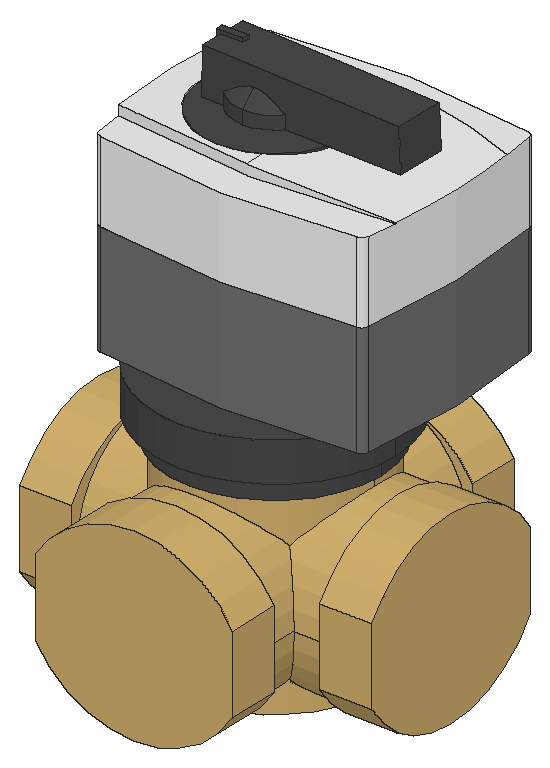
Revit family "HRB4_DN15-50_AMB 162(182)_RFA_1", category Pipe Accessories, Revit 2019
Family settings
  Round Connector Dimension = Use Diameter
  Part Type = Valve - Breaks Into
  OmniClass Number = 23.65.55.14.17
  OmniClass Title = Adjusting/Controlling Valves for Liquid Services
  Work Plane-Based = No
  Always vertical = Yes
  Cut with Voids When Loaded = No
  Shared = No
Parameters (values of type "HRB4_DN50_Kvs40_065Z0417")
  connector length = 18.4 mm
  horizontal body diameter = 66 mm
  h2 = 32.5 mm
  h1 = 37 mm
  diameter3 = 71 mm
  diameter2 = 75.9 mm
  diameter1 = 86 mm
  connector width = 70 mm
  connector radius = 41 mm
  connector height = 27.5 mm
  Weight = 2.80 kg
  W = A + A  # 125 mm
  Voltage = if(or(Actuator Type = [082H0273], Actuator Type = [082H0228], Actuator Type = [082H0225], Actuator Type = [082H0226], Actuator Type = [082H0229], Actuator Type = [082H0227], Actuator Type = [082H0277], Actuator Type = [082H0240], Actuator Type = [082H0239], Actuator Type = [082H0232]), 230 V, 24 V)  # 24 V
  Valve Body Material = Danfoss Brass (DZR)
  URL = "https://store.danfoss.com/en/Climate-Solutions-for-heating/Motorised-Control-Valves-/Rotary-Valves/Valves-for-Central-Heating/c/4115?q=%3Arelevance%3Adanfoss_producttypehierarchydesc%3A005f882ae21a605fb5a0b4e666dc3e0b88fda384&page=0&pageSize=10"
  Pressure Drop [instance] = 0.0 Pa
  Power = if(or(Actuator Type = [082H0277], Actuator Type = [082H0276], Actuator Type = [082H0240], Actuator Type = [082H0239], Actuator Type = [082H0232], Actuator Type = [082H0236], Actuator Type = [082H0235], Actuator Type = [082H0231], Actuator Type = [082H0241]), 3.5 VA, 2.5 VA)  # 2.5 VA
  Operating Torque = "5 Nm"  # constant formula
  Nominal Pressure = "PN 10"  # constant formula
  Model Type = "HRB4_DN50_Kvs40"
  Model = "065Z0417"
  Min Medium Temperature = "2°C"  # constant formula
  Max Medium Temperature = "110 °C"  # constant formula
  Manufacturer = "Danfoss"  # constant formula
  LOD 350 = not(LOD 200)  # yes
  LOD 200 = no
  L = 125 mm
  Kvs = 40.0 m³/h
  IfcExportType = "HRB4"  # constant formula
  IfcExportAs = "IfcValveType"  # constant formula
  Ha = 159.685 mm
  H = 194.685 mm
  Flow [instance] = 0.0 m³/h
  Description = "Motorized Control Valve"  # constant formula
  D = 50 mm
  Connection = "Internal Thread"  # constant formula
  Actuator Type = AMB 162(182)_RFA : AMB 162_2-point_24V_15s/°_082H0270_082H0272
  A = 62.5 mm
  082H0277 = AMB 162(182)_RFA : AMB 182_2-point_230V_60s/°_082H0275_082H0277
  082H0276 = AMB 162(182)_RFA : AMB 182_2-point_24V_60s/°_082H0274_082H0276
  082H0273 = AMB 162(182)_RFA : AMB 162_2-point_230V_15s/°_082H0271_082H0273
  082H0241 = AMB 162(182)_RFA : AMB 182_Modulating_24V_60/90/120s/°_082H0241
  082H0240 = AMB 162(182)_RFA : AMB 182_3-point_230V_240s/°_082H0238_082H0240
  082H0239 = AMB 162(182)_RFA : AMB 182_3-point_230V_60s/°_082H0237_082H0239
  082H0236 = AMB 162(182)_RFA : AMB 182_3-point_24V_240s/°_082H0234_082H0236
  082H0235 = AMB 162(182)_RFA : AMB 182_3-point_24V_60s/°_082H0233_082H0235
  082H0232 = AMB 162(182)_RFA : AMB 182_3-point_230V_60s/°_10Nm_082H0232
  082H0231 = AMB 162(182)_RFA : AMB 182_3-point_24V_60s/°_10Nm_082H0231
  082H0229 = AMB 162(182)_RFA : AMB 162_3-point_230V_480s/°_082H0224_082H0229
  082H0228 = AMB 162(182)_RFA : AMB 162_3-point_230V_120s/°_082H0223_082H0228
  082H0227 = AMB 162(182)_RFA : AMB 162_3-point_230V_60s/°_082H0222_082H0227
  082H0226 = AMB 162(182)_RFA : AMB 162_3-point_230V_30s/°_082H0221_082H0226
  082H0225 = AMB 162(182)_RFA : AMB 162_3-point_230V_15s/°_082H0220_082H0225
Types (8, lengths in mm): name | connector length | horizontal body diameter | h2 | h1 | diameter3 | diameter2 | diameter1 | connector width | connector radius | connector height | Weight | W | Model Type | Model | L | Kvs | Ha | H | D | Actuator Type | A
  (no name) | 18.4 | 66 | 32.5 | 37 | 71 | 75.9 | 86 | 70 | 41 | 27.5 | 2.80 kg | 125 | "HRB4_DN50_Kvs40" | "065Z0417" | 125 | 40.0 m³/h | 159.685 | 194.685 | 50 | AMB 162(182)_RFA : AMB 162_2-point_24V_15s/°_082H0270_082H0272 | 62.5
  HRB4_DN15_Kvs2.5_065Z0411 | 9 | 25.5 | 20.5 | 22.5 | 36 | 40.7 | 50 | 28 | 16 | 12.2 | 0.60 kg | 72 | "HRB4_DN15_Kvs2.5" | "065Z0411" | 72 | 2.5 m³/h | 145.185 | 166 | 15 | AMB 162(182)_RFA : AMB 162_3-point_24V_30s/°_082H0211_082H0216 | 36
  HRB4_DN20_Kvs4.0_065Z0412 | 10 | 32 | 20.5 | 22.5 | 36 | 40.7 | 50 | 34 | 20 | 14.8 | 0.67 kg | 72 | "HRB4_DN20_Kvs4.0" | "065Z0412" | 72 | 4.0 m³/h | 149.185 | 170 | 20 | AMB 162(182)_RFA : AMB 162_3-point_24V_30s/°_082H0211_082H0216 | 36
  HRB4_DN20_Kvs6.3_065Z0413 | 10 | 32 | 20.5 | 22.5 | 36 | 40.7 | 50 | 34 | 20 | 14.8 | 0.67 kg | 72 | "HRB4_DN20_Kvs6.3" | "065Z0413" | 72 | 6.3 m³/h | 145.185 | 166 | 20 | AMB 162(182)_RFA : AMB 162_3-point_24V_30s/°_082H0211_082H0216 | 36
  HRB4_DN25_Kvs10_065Z0414 | 12 | 40 | 22.978 | 26.022 | 45 | 49.7 | 60 | 42 | 24.3 | 18.2 | 0.98 kg | 82 | "HRB4_DN25_Kvs10" | "065Z0414" | 82 | 10.0 m³/h | 148.707 | 171.707 | 25 | AMB 162(182)_RFA : AMB 162_3-point_24V_30s/°_082H0211_082H0216 | 41
  HRB4_DN32_Kvs16_065Z0415 | 14.4 | 48 | 28 | 31 | 51 | 55.8 | 66 | 50 | 28 | 18.2 | 1.30 kg | 94 | "HRB4_DN32_Kvs16" | "065Z0415" | 94 | 16.0 m³/h | 153.685 | 181.685 | 32 | AMB 162(182)_RFA : AMB 162_3-point_24V_30s/°_082H0211_082H0216 | 47
  HRB4_DN40_Kvs25_065Z0416 | 18.4 | 53 | 28 | 31 | 58 | 62.8 | 73 | 55 | 32 | 21.82 | 1.80 kg | 116 | "HRB4_DN40_Kvs25" | "065Z0416" | 116 | 25.0 m³/h | 153.685 | 181.685 | 40 | AMB 162(182)_RFA : AMB 162_3-point_24V_30s/°_082H0211_082H0216 | 58
  HRB4_DN50_Kvs40_065Z0417 | 18.4 | 66 | 32.5 | 37 | 71 | 75.9 | 86 | 70 | 41 | 27.5 | 2.80 kg | 125 | "HRB4_DN50_Kvs40" | "065Z0417" | 125 | 40.0 m³/h | 159.685 | 194.685 | 50 | AMB 162(182)_RFA : AMB 162_2-point_24V_15s/°_082H0270_082H0272 | 62.5
Reference planes
  plane 1 "Center (Front/Back)": y = 0
  plane 2: z = 0
  plane 3 "Center (Left/Right)": x = 0
  plane 4: x = -62.5
  plane 5: x = 62.5
  plane 6: z = 45
  plane 7: y = 62.5
  plane 8: z = 59
  plane 9: z = 60.5
  plane 10: z = 37
  plane 11: z = -32.5
  plane 12: x = -44.1
  plane 13: x = 44.1
  plane 14: z = -33
  plane 15: z = 33
  plane 16: y = -35
  plane 17: y = 35
  plane 18: y = -27.5
  plane 19: y = 27.5
  plane 20: y = 44.1
  plane 21: x = 35
  plane 22: x = -35
  plane 23: y = -62.5
  plane 24: z = -35
  plane 25: y = -62.5
  plane 26: y = -44.1
  plane 27: z = 159.685
Forms (mm)
  Extrusion 1, solid, material "Danfoss Plastic Black", visible <- "LOD 350", detail levels fine
    sketch origin (0, 0, 0) x (1, 0, 0) y (0, 1, 0)
      loop
        circle (0, 0) r 5.8
    from 59 to 60.5
  Extrusion 2, solid, material "Danfoss Plastic Black", visible <- "LOD 350", detail levels fine
    sketch origin (0, 0, 0) x (1, 0, 0) y (0, 1, 0)
      loop
        circle (0, 0) r 43
    from 45 to 59
  Extrusion 3, solid, material "Danfoss Plastic Black", visible <- "LOD 350", detail levels fine
    sketch origin (0, 0, 0) x (1, 0, 0) y (0, 1, 0)
      loop
        circle (0, 0) r 37.95
    from 37 to 45
  Extrusion 4, solid, material "Danfoss Brass (DZR)" <- "Valve Body Material", detail levels fine
    sketch origin (0, 0, 0) x (1, 0, 0) y (0, 1, 0)
      loop
        circle (0, 0) r 35.5
    from -32.5 to 37
  Extrusion 5, solid, material "Danfoss Brass (DZR)" <- "Valve Body Material", visible <- "LOD 350", detail levels fine
    sketch origin (0, 0, 0) x (0, 1, 0) y (0, 0, 1)
      loop
        circle (0, 0) r 33
    from -44.1 to 44.1
  Extrusion 6, solid, material "Danfoss Brass (DZR)" <- "Valve Body Material", visible <- "LOD 350", detail levels fine
    sketch origin (0, 0, 0) x (0, 1, 0) y (0, 0, 1)
      loop
        arc (-35, -13.75) -> (0, -33.396) -> (35, -13.75) r 41
        line (35, -13.75) -> (35, 13.75)
        arc (35, 13.75) -> (0, 33.396) -> (-35, 13.75) r 41
        line (-35, 13.75) -> (-35, -13.75)
    from 44.1 to 62.5
  Extrusion 7, solid, material "Danfoss Brass (DZR)" <- "Valve Body Material", visible <- "LOD 350", detail levels fine
    sketch origin (19.35, 72.838, 0) x (-1, 0, 0) y (0, 0, 1)
      loop
        arc (-15.65, -13.75) -> (19.35, -33.396) -> (54.35, -13.75) r 41
        line (54.35, -13.75) -> (54.35, 13.75)
        arc (54.35, 13.75) -> (19.35, 33.396) -> (-15.65, 13.75) r 41
        line (-15.65, 13.75) -> (-15.65, -13.75)
    from -28.738 to -10.338
  Extrusion 8, solid, material "Danfoss Brass (DZR)" <- "Valve Body Material", visible <- "LOD 350", detail levels fine
    sketch origin (55.623, 150.351, 0) x (-1, 0, 0) y (0, 0, 1)
      loop
        circle (55.623, 0) r 33
    from -194.451 to -106.251
  Extrusion 9, solid, material "Danfoss Brass (DZR)" <- "Valve Body Material", visible <- "LOD 350", detail levels fine
    sketch origin (0, 0, 0) x (0, 1, 0) y (0, 0, 1)
      loop
        arc (-35, -13.75) -> (0, -33.396) -> (35, -13.75) r 41
        line (35, -13.75) -> (35, 13.75)
        arc (35, 13.75) -> (0, 33.396) -> (-35, 13.75) r 41
        line (-35, 13.75) -> (-35, -13.75)
    from -62.5 to -44.1
  Extrusion 10, solid, material "Danfoss Brass (DZR)" <- "Valve Body Material", visible <- "LOD 200", detail levels fine
    sketch origin (0, 0, 0) x (0, 1, 0) y (0, 0, 1)
      loop
        circle (0, 0) r 35
    from -62.5 to 62.5
  Extrusion 11, solid, material "Danfoss Plastic Black", visible <- "LOD 200", detail levels fine
    sketch origin (0, 0, 0) x (1, 0, 0) y (0, 1, 0)
      loop
        circle (0, 0) r 43
    from 37 to 60.5
  Extrusion 12, solid, material "Danfoss Brass (DZR)" <- "Valve Body Material", visible <- "LOD 200", detail levels fine
    sketch origin (0, 0, 0) x (1, 0, 0) y (0, 0, 1)
      loop
        circle (0, 0) r 35
    from -62.5 to 62.5
  Extrusion 13, solid, material "Danfoss Brass (DZR)" <- "Valve Body Material", visible <- "LOD 350", detail levels fine
    sketch origin (19.35, -72.838, 0) x (-1, 0, 0) y (0, 0, -1)
      loop
        line (-15.65, 13.75) -> (-15.65, -13.75)
        arc (-15.65, -13.75) -> (19.35, -33.396) -> (54.35, -13.75) r 41
        line (54.35, -13.75) -> (54.35, 13.75)
        arc (54.35, 13.75) -> (19.35, 33.396) -> (-15.65, 13.75) r 41
    from -28.738 to -10.338
Dimensions and locks
  equal spacing: plane 5, plane 3 "Center (Left/Right)", plane 4
  "L": plane 5 to plane 4
  "A": plane 7 to plane 1 "Center (Front/Back)"
  locked: plane 8 to plane 6 at 14
  locked: plane 9 to plane 8 at 1.5
  locked: plane 6 to plane 10 at 8
  "h1": plane 10 to level
  "h2": level to plane 11
  equal spacing: plane 15, level, plane 14
  "horizontal body diameter": plane 15 to plane 14
  equal spacing: plane 16, plane 1 "Center (Front/Back)", plane 17
  "connector width": plane 16 to plane 17
  "connector length": plane 13 to plane 5
  "connector length": plane 12 to plane 4
  equal spacing: Extrusion 6 sketch curve, level, Extrusion 6 sketch curve  (x2)
  "connector height": Extrusion 6 sketch curve to Extrusion 6 sketch curve  (x2)
  "connector length": plane 7 to plane 20
  "connector height": Extrusion 7 sketch curve to Extrusion 7 sketch curve  (x2)
  equal spacing: plane 22, plane 3 "Center (Left/Right)", plane 21
  "connector width": plane 22 to plane 21
  equal spacing: Extrusion 7 sketch curve, level, Extrusion 7 sketch curve  (x2)
  "connector height": Extrusion 9 sketch curve to Extrusion 9 sketch curve  (x2)
  equal spacing: Extrusion 9 sketch curve, level, Extrusion 9 sketch curve  (x2)
  nested 1 to plane 5 = 62.5 mm
  "W": plane 23 to plane 7
  "connector length": plane 26 to plane 25
  "A": plane 25 to plane 1 "Center (Front/Back)"
  "connector height": Extrusion 13 sketch curve to Extrusion 13 sketch curve  (x2)
  equal spacing: Extrusion 13 sketch curve, level, Extrusion 13 sketch curve  (x2)
  "H": plane 27 to plane 24
  "Ha": plane 27 to level
  "diameter1": diameter of Extrusion 2 sketch curve
  "diameter2": diameter of Extrusion 3 sketch curve
  "diameter3": diameter of Extrusion 4 sketch curve
  "horizontal body diameter": diameter of Extrusion 5 sketch curve
  "connector radius": radius of Extrusion 6 sketch curve  (x2)
  "connector radius": radius of Extrusion 7 sketch curve  (x2)
  "horizontal body diameter": diameter of Extrusion 8 sketch curve
  "connector radius": radius of Extrusion 9 sketch curve  (x2)
  "connector width": diameter of Extrusion 10 sketch curve
  "diameter1": diameter of Extrusion 11 sketch curve
  "connector width": diameter of Extrusion 12 sketch curve
  "connector radius": radius of Extrusion 13 sketch curve  (x2)
  aligned and locked: level to plane 2
  aligned and locked: plane 9 to Extrusion 1
  aligned and locked: Extrusion 1 to plane 8
  aligned and locked: plane 6 to Extrusion 2
  aligned and locked: plane 8 to Extrusion 2
  aligned and locked: Extrusion 3 to plane 10
  aligned and locked: Extrusion 3 to plane 6
  aligned and locked: Extrusion 4 to plane 11
  aligned and locked: plane 10 to Extrusion 4
  aligned and locked: plane 12 to Extrusion 5
  aligned and locked: Extrusion 5 to plane 13
  aligned and locked: plane 13 to Extrusion 6
  aligned and locked: plane 5 to Extrusion 6
  aligned and locked: plane 16 to Extrusion 6 sketch curve
  aligned and locked: Extrusion 7 to plane 20
  aligned and locked: plane 7 to Extrusion 7
  aligned and locked: plane 21 to Extrusion 7 sketch curve
  aligned and locked: plane 22 to Extrusion 7 sketch curve
  aligned and locked: plane 20 to Extrusion 8
  aligned and locked: Extrusion 9 to plane 4
  aligned and locked: Extrusion 9 to plane 12
  aligned and locked: Extrusion 10 to plane 4
  aligned and locked: plane 5 to Extrusion 10
  aligned and locked: plane 9 to Extrusion 11
  aligned and locked: Extrusion 11 to plane 10
  aligned and locked: plane 7 to Extrusion 12
  aligned and locked: Extrusion 8 to plane 26
  aligned and locked: Extrusion 13 to plane 25
  aligned and locked: plane 26 to Extrusion 13
  aligned and locked: Extrusion 12 to plane 25
  aligned and locked: nested 2 to plane 1 "Center (Front/Back)"
  aligned and locked: nested 2 to plane 3 "Center (Left/Right)"
  aligned and locked: plane 8 to nested 2
Automatic sketch dimensions
  plane 1 "Center (Front/Back)" to Extrusion 1 sketch curve = 0 mm
  Extrusion 1 sketch curve to plane 3 "Center (Left/Right)" = 0 mm
  plane 1 "Center (Front/Back)" to Extrusion 2 sketch curve = 0 mm
  Extrusion 2 sketch curve to plane 3 "Center (Left/Right)" = 0 mm
  plane 1 "Center (Front/Back)" to Extrusion 3 sketch curve = 0 mm
  Extrusion 3 sketch curve to plane 3 "Center (Left/Right)" = 0 mm
  plane 1 "Center (Front/Back)" to Extrusion 4 sketch curve = 0 mm
  Extrusion 4 sketch curve to plane 3 "Center (Left/Right)" = 0 mm
  Extrusion 5 sketch curve to level = 0 mm
  Extrusion 5 sketch curve to plane 1 "Center (Front/Back)" = 0 mm
  Extrusion 6 sketch curve to plane 1 "Center (Front/Back)" = 0 mm
  Extrusion 8 sketch curve to level = 0 mm
  Extrusion 8 sketch curve to plane 3 "Center (Left/Right)" = 0 mm
  Extrusion 9 sketch curve to plane 16 = 0 mm
  Extrusion 9 sketch curve to plane 1 "Center (Front/Back)" = 0 mm
  Extrusion 10 sketch curve to level = 0 mm
  Extrusion 10 sketch curve to plane 1 "Center (Front/Back)" = 0 mm
  plane 1 "Center (Front/Back)" to Extrusion 11 sketch curve = 0 mm
  Extrusion 11 sketch curve to plane 3 "Center (Left/Right)" = 0 mm
  Extrusion 12 sketch curve to level = 0 mm
  Extrusion 12 sketch curve to plane 3 "Center (Left/Right)" = 0 mm
  plane 21 to Extrusion 13 sketch curve = 0 mm
  Extrusion 13 sketch curve to plane 3 "Center (Left/Right)" = 0 mm
  plane 22 to Extrusion 13 sketch curve = 0 mm
  radius of Extrusion 1 sketch curve = 5.8 mm
Nested families
  nested 1: "HRB4 Symbol _Actuator" at (0, 0, 0), horiontal body diameter <- "horizontal body diameter", A <- "A", length <- "L", type "HRB4 Symbol _Actuator", detail levels coarse+medium
    with length 125 mm, horiontal body diameter 66 mm, D/2 33 mm, A 62.5 mm
  nested 2: "AMB 162(182)_RFA" at (0, 0, 59) x (-1, 0, 0) z (0, 0, 1), LOD 200 <- "LOD 200", Voltage <- "Voltage", Power <- "Power", type <- "Actuator Type", type "AMB 162_2-point_24V_15s/°_082H0270_082H0272", detail levels fine
    with Voltage 24 V, Power 2.5 VA, LOD 350 yes, LOD 200 no
Connectors
  piping at (62.5, 0, 0), diameter 50, driven by "D", driven by "Flow"
    settings: on Extrusion 6, index 1, connector inside diameter 609.6 mm, connector length 0 mm, flow factor 0, pipe flow 0.0 m³/h, pressure drop 0.0 Pa, fitting loss kfactor 0, connector angle 0.00°, fixture units 0, engagement length 0 mm, angle of deflection 0.00°, flow configuration 0, flow direction 0, fitting loss method 0, system type 29, joint type 0, gender type 0, connector reference index 4, connector utility 0, adjustable connector no, is connector primary yes, connector description ""
  piping at (-62.5, 0, 0), diameter 50, driven by "D", driven by "Flow"
    settings: on Extrusion 9, index 2, connector inside diameter 609.6 mm, connector length 0 mm, flow factor 0, pipe flow 0.0 m³/h, pressure drop 0.0 Pa, fitting loss kfactor 0, connector angle 0.00°, fixture units 0, engagement length 0 mm, angle of deflection 0.00°, flow configuration 0, flow direction 0, fitting loss method 0, system type 29, joint type 0, gender type 0, connector reference index 3, connector utility 0, adjustable connector no, is connector primary no, connector description ""
  piping at (0, 62.5, 0), diameter 50, driven by "D", driven by "Flow"
    settings: on Extrusion 12, index 3, connector inside diameter 609.6 mm, connector length 0 mm, flow factor 0, pipe flow 0.0 m³/h, pressure drop 0.0 Pa, fitting loss kfactor 0, connector angle 0.00°, fixture units 0, engagement length 0 mm, angle of deflection 0.00°, flow configuration 0, flow direction 0, fitting loss method 0, system type 29, joint type 0, gender type 0, connector reference index 2, connector utility 0, adjustable connector no, is connector primary no, connector description ""
  piping at (0, -62.5, 0), diameter 50, driven by "D", driven by "Flow"
    settings: on Extrusion 13, index 4, connector inside diameter 609.6 mm, connector length 0 mm, flow factor 0, pipe flow 0.0 m³/h, pressure drop 0.0 Pa, fitting loss kfactor 0, connector angle 0.00°, fixture units 0, engagement length 0 mm, angle of deflection 0.00°, flow configuration 0, flow direction 0, fitting loss method 0, system type 29, joint type 0, gender type 0, connector reference index 1, connector utility 0, adjustable connector no, is connector primary no, connector description ""
  electrical at (0, 0, 0), driven by "Voltage", driven by "Power"
    settings: index 9, voltage 24 V, apparent load 0 VA, apparent load phase1 2.5 VA, apparent load phase2 0 VA, apparent load phase3 0 VA, power factor 0.95, load classification "HVAC", number of poles 1, system type 31, power factor state 1, is connector primary yes, connector utility no, sub classification motor no, connector description ""
Definition of nested family "AMB 162(182)_RFA"
  Parameters (values of type "AMB 182_Modulating_24V_60/90/120s/°_082H0241")
    With Auxiliary Switch = "NA"
    Weight = 0.80 kg
    W = 84 mm
    Voltage [instance] = 24 V
    URL = "https://store.danfoss.com/en/Climate-Solutions-for-heating/Motorised-Control-Valves/Actuators-without-safety-function-for-rotary-valves/c/4113?q=%3Arelevance&text="
    Type Comments = ""
    Speed = "60/90/120 s/°"
    Power Supply = "24 VAC/DC"
    Power Consumption = "3.5 VA"
    Power [instance] = 3.5 VA
    Operating Torque = "15 Nm"
    Model Type = "AMB 182_Modulating_24V_60/90/120s/°"
    Model = "082H0241"
    Min Ambient Temperature = "0 °C"  # constant formula
    Max Medium Temperature = "110 °C"  # constant formula
    Max Ambient Temperature = "50 °C"  # constant formula
    Manufacturer = "Danfoss"  # constant formula
    LOD 350 [instance] = not(LOD 200)  # yes
    LOD 200 [instance] = no
    L = 101 mm
    IfcExportType = "AMB Actuator"  # constant formula
    IfcExportAs = "IfcActuatorType"  # constant formula
    H = 100.685 mm
    For Rotary Valve DN = "DN15-150"
    Description = "Gear Actuator"  # constant formula
    Control Input Signal = "Modulating"
    Body Material = none
  Types (22, lengths in mm): name | With Auxiliary Switch | Weight | Voltage | Speed | Power Supply | Power Consumption | Power | Operating Torque | Model Type | Model | For Rotary Valve DN | Control Input Signal
    AMB 162_2-point_24V_15s/°_082H0270_082H0272 | "082H0272" | 0.70 kg | 24 V | "15 s/°" | "24 VAC" | "2.5 VA" | 2.5 VA | "5 Nm" | "AMB 162_2-point_24V_15s/°" | "082H0270, 082H0272" | "DN15-50" | "2-point"
    AMB 162_3-point_230V_15s/°_082H0220_082H0225 | "082H0225" | 0.70 kg | 230 V | "15 s/°" | "230 VAC" | "2.5 VA" | 2.5 VA | "5 Nm" | "AMB 162_3-point_230V_15s/°" | "082H0220, 082H0225" | "DN15-50" | "3-point"
    AMB 162_2-point_230V_15s/°_082H0271_082H0273 | "082H0273" | 0.70 kg | 230 V | "15 s/°" | "230 VAC" | "2.5 VA" | 2.5 VA | "5 Nm" | "AMB 162_2-point_230V_15s/°" | "082H0271, 082H0273" | "DN15-50" | "2-point"
    AMB 162_3-point_24V_15s/°_082H0210_082H0215 | "082H0215" | 0.70 kg | 24 V | "15 s/°" | "24 VAC" | "2.5 VA" | 2.5 VA | "5 Nm" | "AMB 162_3-point_24V_15s/°_" | "082H0210, 082H0215" | "DN15-50" | "3-point"
    AMB 162_3-point_24V_30s/°_082H0211_082H0216 | "082H0216" | 0.70 kg | 24 V | "30 s/°" | "24 VAC" | "2.5 VA" | 2.5 VA | "5 Nm" | "AMB 162_3-point_24V_30s/°" | "082H0211, 082H0216" | "DN15-50" | "3-point"
    AMB 162_3-point_24V_60s/°_082H0212_082H0217 | "082H0217" | 0.70 kg | 24 V | "60 s/°" | "24 VAC" | "2.5 VA" | 2.5 VA | "5 Nm" | "AMB 162_3-point_24V_60s/°" | "082H0212, 082H0217" | "DN15-50" | "3-point"
    AMB 162_3-point_24V_120s/°_082H0213_082H0218 | "082H0218" | 0.70 kg | 24 V | "120 s/°" | "24 VAC" | "2.5 VA" | 2.5 VA | "5 Nm" | "AMB 162_3-point_24V_120s/°" | "082H0213, 082H0218" | "DN15-50" | "3-point"
    AMB 162_3-point_24V_480s/°_082H0214_082H0219 | "082H0219" | 0.70 kg | 24 V | "120 s/°" | "24 VAC" | "2.5 VA" | 2.5 VA | "5 Nm" | "AMB 162_3-point_24V_480s/°" | "082H0214, 082H0219" | "DN15-50" | "3-point"
    AMB 162_3-point_230V_30s/°_082H0221_082H0226 | "082H0226" | 0.70 kg | 230 V | "30 s/°" | "230 VAC" | "2.5 VA" | 2.5 VA | "5 Nm" | "AMB 162_3-point_230V_30s/°" | "082H0221, 082H0226" | "DN15-50" | "3-point"
    AMB 162_3-point_230V_60s/°_082H0222_082H0227 | "082H0227" | 0.70 kg | 230 V | "60 s/°" | "230 VAC" | "2.5 VA" | 2.5 VA | "5 Nm" | "AMB 162_3-point_230V_60s/°" | "082H0222, 082H0227" | "DN15-50" | "3-point"
    AMB 162_3-point_230V_120s/°_082H0223_082H0228 | "082H0228" | 0.70 kg | 230 V | "120 s/°" | "230 VAC" | "2.5 VA" | 2.5 VA | "5 Nm" | "AMB 162_3-point_230V_120s/°" | "082H0223, 082H0228" | "DN15-50" | "3-point"
    AMB 162_3-point_230V_480s/°_082H0224_082H0229 | "082H0229" | 0.70 kg | 230 V | "480 s/°" | "230 VAC" | "2.5 VA" | 2.5 VA | "5 Nm" | "AMB 162_3-point_230V_480s/°" | "082H0224, 082H0229" | "DN15-50" | "3-point"
    AMB 162_Modulating_24V_60/90/120s/°_082H0230 | "NA" | 0.70 kg | 24 V | "60/90/120 s/°" | "24 VAC/DC" | "2.5 VA" | 2.5 VA | "5 Nm" | "AMB 162_Modulating_24V_60/90/120s/°" | "082H0230" | "DN15-50" | "Modulating"
    AMB 182_2-point_230V_60s/°_082H0275_082H0277 | "082H0277" | 0.80 kg | 230 V | "60 s/°" | "230 VAC" | "2.5 VA" | 3.5 VA | "15 Nm" | "AMB 182_2-point_230V_60s/°" | "082H0275, 082H0277" | "DN15-150" | "2-point"
    AMB 182_2-point_24V_60s/°_082H0274_082H0276 | "082H0276" | 0.80 kg | 24 V | "60 s/°" | "24 VAC" | "2.5 VA" | 3.5 VA | "15 Nm" | "AMB 182_2-point_24V_60s/°" | "082H0274, 082H0276" | "DN15-150" | "2-point"
    AMB 182_3-point_230V_60s/°_082H0237_082H0239 | "082H0239" | 0.80 kg | 230 V | "60 s/°" | "230 VAC" | "3.5 VA" | 3.5 VA | "15 Nm" | "AMB 182_3-point_230V_60s/°" | "082H0237, 082H0239" | "DN15-150" | "3-point"
    AMB 182_3-point_24V_60s/°_082H0233_082H0235 | "082H0235" | 0.80 kg | 24 V | "60 s/°" | "24 VAC" | "3.5 VA" | 3.5 VA | "15 Nm" | "AMB 182_3-point_24V_60s/°" | "082H0233, 082H0235" | "DN15-150" | "3-point"
    AMB 182_3-point_24V_60s/°_10Nm_082H0231 | "NA" | 0.80 kg | 24 V | "60 s/°" | "24 VAC" | "3.5 VA" | 3.5 VA | "10 Nm" | "AMB 182_3-point_24V_60s/°_10Nm" | "082H0231" | "DN15-100" | "3-point"
    AMB 182_3-point_230V_60s/°_10Nm_082H0232 | "NA" | 0.80 kg | 230 V | "60 s/°" | "230 VAC" | "3.5 VA" | 3.5 VA | "10 Nm" | "AMB 182_3-point_230V_60s/°_10Nm" | "082H0232" | "DN15-100" | "3-point"
    AMB 182_3-point_24V_240s/°_082H0234_082H0236 | "082H0236" | 0.80 kg | 24 V | "240 s/°" | "24 VAC" | "3.5 VA" | 3.5 VA | "15 Nm" | "AMB 182_3-point_24V_240s/°" | "082H0234, 082H0236" | "DN15-150" | "3-point"
    AMB 182_3-point_230V_240s/°_082H0238_082H0240 | "082H0240" | 0.80 kg | 230 V | "240 s/°" | "230 VAC" | "3.5 VA" | 3.5 VA | "15 Nm" | "AMB 182_3-point_230V_240s/°" | "082H0238, 082H0240" | "DN15-150" | "3-point"
    AMB 182_Modulating_24V_60/90/120s/°_082H0241 | "NA" | 0.80 kg | 24 V | "60/90/120 s/°" | "24 VAC/DC" | "3.5 VA" | 3.5 VA | "15 Nm" | "AMB 182_Modulating_24V_60/90/120s/°" | "082H0241" | "DN15-150" | "Modulating"
  Reference planes
    plane 1 "Center (Front/Back)": y = 0
    plane 2: z = 0
    plane 3 "Center (Left/Right)": x = 0
    plane 4: z = 9.5
    plane 5: y = -41.931
    plane 6: y = 42.069
    plane 7: x = 36.5
    plane 8: x = -64.5
    plane 9: y = 36.069
    plane 10: x = 30.5
    plane 11: x = -61.5
    plane 12: x = 33.5
    plane 13: y = 39.069
    plane 14: y = -38.931
    plane 15: x = -58.5
    plane 16: y = -35.931
    plane 17: x = -14
    plane 18: z = 49.5
    plane 19: y = 36.069
    plane 20: x = 160.5
    plane 21: x = 68.5
    plane 22: x = 163.5
    plane 23: y = 39.069
    plane 24: y = -38.931
    plane 25: x = 71.5
    plane 26: y = -35.931
    plane 27: x = 116
    plane 28: z = 81.472
    plane 29: y = -9.5
    plane 30: z = 100.685
  Forms (mm)
    Revolve 1, solid, detail levels fine
      sketch origin (0, 0, 0) x (1, 0, 0) y (0, 0, 1)
        loop
          line (0, 9.5) -> (0, 0) -> (26, 0) -> (26, 9.5) -> (0, 9.5)
        axis (0, 9.5) -> (0, 0)
      angle from 0 to 360
    Extrusion 2, solid, visible <- "LOD 350", detail levels fine
      sketch origin (0, 0, 0) x (1, 0, 0) y (0, 0, 1)
        loop
          line (-51.913, 82.5) -> (18.847, 82.5) -> (18.304, 99.204)
          arc (18.304, 99.204) -> (-16.441, 99.254) -> (-51.134, 97.349) r 617.491
          line (-51.134, 97.349) -> (-51.913, 82.5)
      from -9.091 to 8.652
    Extrusion 3, solid, visible <- "LOD 350", detail levels fine
      sketch origin (0, 0, 0) x (1, 0, 0) y (0, 0, 1)
        loop
          line (18.847, 82.5) -> (20.557, 82.5) -> (19.789, 100.4) -> (10.425, 100.685) -> (10.425, 99.387)
          arc (10.425, 99.387) -> (14.365, 99.308) -> (18.304, 99.204) r 617.491
          line (18.304, 99.204) -> (18.847, 82.5)
      from -1.24 to 1.241
    Extrusion 4, solid, material <- "Body Material", visible <- "LOD 350", detail levels fine
      sketch origin (0, 0, 0) x (1, 0, 0) y (0, 1, 0)
        loop
          arc (-59.389, 38.075) -> (-61.013, 37.216) -> (-61.831, 35.571) r 3
          arc (-61.831, 35.571) -> (-64.511, 0) -> (-61.831, -35.571) r 237.436
          arc (-61.831, -35.571) -> (-61.013, -37.216) -> (-59.389, -38.075) r 3
          arc (-59.389, -38.075) -> (-14.052, -42.151) -> (31.314, -38.419) r 265.38
          arc (31.314, -38.419) -> (32.951, -37.564) -> (33.778, -35.913) r 3
          arc (33.778, -35.913) -> (36.5, -0.174) -> (33.83, 35.57) r 238.281
          arc (33.83, 35.57) -> (33.012, 37.216) -> (31.388, 38.076) r 3
          arc (31.388, 38.076) -> (-14.001, 42.069) -> (-59.389, 38.075) r 259.947
      from 9.5 to 49.5
    Extrusion 5, solid, visible <- "LOD 350", detail levels fine
      sketch origin (130, 0, 0) x (1, 0, 0) y (0, 1, 0)
        loop
          arc (-189.389, 38.075) -> (-191.013, 37.216) -> (-191.831, 35.571) r 3
          arc (-191.831, 35.571) -> (-194.511, 0) -> (-191.831, -35.571) r 237.436
          arc (-191.831, -35.571) -> (-191.013, -37.216) -> (-189.389, -38.075) r 3
          arc (-189.389, -38.075) -> (-144.052, -42.151) -> (-98.686, -38.419) r 265.38
          arc (-98.686, -38.419) -> (-97.049, -37.564) -> (-96.222, -35.913) r 3
          arc (-96.222, -35.913) -> (-93.5, -0.174) -> (-96.17, 35.57) r 238.281
          arc (-96.17, 35.57) -> (-96.988, 37.216) -> (-98.612, 38.076) r 3
          arc (-98.612, 38.076) -> (-144.001, 42.069) -> (-189.389, 38.075) r 259.947
      from 49.5 to 81.472
    Extrusion 6, void
      sketch origin (0, 0, 0) x (1, 0, 0) y (0, 1, 0)
        loop
          arc (-61.831, 35.571) -> (-62.54, 30.529) -> (-63.14, 25.473) r 237.436
          arc (-63.14, 25.473) -> (-14.003, 29.568) -> (35.135, 25.473) r 296.829
          arc (35.135, 25.473) -> (34.536, 30.528) -> (33.83, 35.57) r 238.281
          arc (33.83, 35.57) -> (33.012, 37.216) -> (31.388, 38.076) r 3
          arc (31.388, 38.076) -> (-14.001, 42.069) -> (-59.389, 38.075) r 259.947
          arc (-59.389, 38.075) -> (-61.013, 37.216) -> (-61.831, 35.571) r 3
      from 78 to 100.685
    Extrusion 7, void
      sketch origin (0, 0, 0) x (1, 0, 0) y (0, 0, 1)
        loop
          line (-64.511, 49.5) -> (-64.511, 78.145)
          arc (-64.511, 78.145) -> (-39.06, 80.639) -> (-13.5, 81.472) r 392.786
          line (-13.5, 81.472) -> (36.5, 81.472) -> (36.5, 49.5) -> (41.5, 49.5) -> (41.5, 107.508) -> (-69.523, 107.508) -> (-69.523, 49.5) -> (-64.511, 49.5)
      from -62.358 to 46.308
    Extrusion 8, void
      sketch origin (0, 0, 0) x (1, 0, 0) y (0, 1, 0)
        loop
          line (-64.592, -23.625) -> (-62.779, -37.97)
          arc (-62.779, -37.97) -> (-14.187, -43.401) -> (34.407, -37.976) r 220.211
          line (34.407, -37.976) -> (36.595, -23.622)
          arc (36.595, -23.622) -> (-13.998, -30.547) -> (-64.592, -23.625) r 188.309
      from 78 to 100.685
    Revolve 9, solid, visible <- "LOD 350", detail levels fine
      sketch origin (0, 0, 0) x (0, 1, 0) y (0, 0, 1)
        loop
          line (0, 92.255) -> (0, 81.472) -> (10.185, 81.472) -> (10.185, 82.472) -> (14.169, 82.472) -> (14.169, 87.094) -> (9.007, 92.255) -> (0, 92.255)
        axis (0, 92.255) -> (0, 81.472)
      angle from 0 to 360
    Extrusion 10, solid, visible <- "LOD 350", detail levels fine
      sketch origin (0, 0, 0) x (1, 0, 0) y (0, 1, 0)
        loop
          circle (0, 0) r 25.661
      from 49.5 to 81.472
    Extrusion 11, void
      sketch origin (0, 0, 0) x (1, 0, 0) y (0, 0, 1)
        loop
          line (15.14, 9.5) -> (36.5, 9.5) -> (36.5, 20.859) -> (15.14, 20.859) -> (15.14, 9.5)
      from 9.5 to 49.81
    Extrusion 12, void
      sketch origin (0, 0, 0) x (1, 0, 0) y (0, 1, 0)
        loop
          circle (0, 0) r 26
      from 78 to 82.5
    Extrusion 13, solid, material <- "Body Material", visible <- "LOD 200", detail levels fine
      sketch origin (0, 0, 0) x (1, 0, 0) y (0, 1, 0)
        loop
          line (-64.5, 42.069) -> (-64.5, -41.931) -> (36.5, -41.931) -> (36.5, 42.069) -> (-64.5, 42.069)
      from 9.5 to 49.5
    Extrusion 14, solid, visible <- "LOD 200", detail levels fine
      sketch origin (0, 0, 0) x (1, 0, 0) y (0, 1, 0)
        loop
          line (-64.5, 42.069) -> (-64.5, -41.931) -> (36.5, -41.931) -> (36.5, 42.069) -> (-64.5, 42.069)
      from 49.5 to 81.472
    Extrusion 15, solid, visible <- "LOD 200", detail levels fine
      sketch origin (0, 0, 0) x (1, 0, 0) y (0, 1, 0)
        loop
          circle (0, 0) r 25.661
      from 81.472 to 82.5
    Extrusion 16, solid, visible <- "LOD 200", detail levels fine
      sketch origin (0, 0, 0) x (1, 0, 0) y (0, 0, 1)
        loop
          line (-51.913, 82.5) -> (20.557, 82.5) -> (20.557, 100.685) -> (-51.913, 100.685) -> (-51.913, 82.5)
      from -9.09 to 8.65
    Extrusion 17, solid
      sketch origin (0, 0, 0) x (1, 0, 0) y (0, 1, 0)
        loop
          line (-2.5, 13.5) -> (-2.5, 2.5) -> (-13.5, 2.5) -> (-13.5, -2.5) -> (-2.5, -2.5) -> (-2.5, -13.5) -> (2.5, -13.5) -> (2.5, -2.5) -> (13.5, -2.5) -> (13.5, 2.5) -> (2.5, 2.5) -> (2.5, 13.5) -> (-2.5, 13.5)
      from 0 to -2.5
  Cuts and joins
    Extrusion 6, Extrusion 7, Extrusion 8, Extrusion 12 cuts Extrusion 5
    Extrusion 11, Extrusion 12 cuts Extrusion 4
    Extrusion 12 cuts Revolve 1
  Dimensions and locks
    Revolve 1 sketch curve to plane 3 "Center (Left/Right)" = 26 mm
    "W": plane 6 to plane 5
    "L": plane 7 to plane 8
    locked: plane 29 to plane 1 "Center (Front/Back)" at 9.5
    "H": plane 30 to level
    plane 6 to plane 5 = 84 mm
    plane 4 to plane 2 = 9.5 mm
    locked: plane 18 to plane 4 at 40
    locked: plane 28 to plane 18 at 31.972
    locked: plane 30 to plane 28 at 19.213
    locked: Extrusion 15 to plane 28 at 1.028
    locked: cut or joined group of Extrusion 4, Extrusion 11, Extrusion 12 to plane 4 at 11.359
    plane 28 to cut or joined group of Extrusion 5, Extrusion 6, Extrusion 7, Extrusion 8, Extrusion 12 = 3.472 mm
    equal spacing: Extrusion 17 sketch curve, plane 3 "Center (Left/Right)", Extrusion 17 sketch curve  (x2)
    Extrusion 17 sketch curve to Extrusion 17 sketch curve = 5 mm  (x2)
    equal spacing: Extrusion 17 sketch curve, plane 1 "Center (Front/Back)", Extrusion 17 sketch curve  (x2)
    Extrusion 17 sketch curve to Extrusion 17 sketch curve = 27 mm  (x2)
    radius of Extrusion 5 sketch curve = 238.281 mm
    radius of Extrusion 5 sketch curve = 237.436 mm
    radius of Extrusion 5 sketch curve = 265.38 mm
    radius of Extrusion 5 sketch curve = 259.947 mm
    radius of Extrusion 4 sketch curve = 265.38 mm
    radius of Extrusion 4 sketch curve = 259.947 mm
    radius of Extrusion 4 sketch curve = 237.436 mm
    radius of Extrusion 4 sketch curve = 238.281 mm
    radius of Extrusion 10 sketch curve = 25.661 mm
    radius of Extrusion 12 sketch curve = 26 mm
    radius of Extrusion 15 sketch curve = 25.661 mm
    aligned and locked: level to plane 2
    aligned and locked: Revolve 1 sketch curve to plane 3 "Center (Left/Right)"  (x2)
    aligned and locked: Revolve 1 sketch curve to level
    aligned and locked: Revolve 1 sketch curve to plane 4
    aligned and locked: Extrusion 3 sketch curve to Extrusion 2  (x2)
    aligned and locked: Extrusion 4 to plane 4
    aligned and locked: plane 18 to Extrusion 4
    aligned and locked: Extrusion 5 to plane 18
    aligned and locked: Extrusion 6 sketch curve to Extrusion 4  (x5)
    aligned and locked: plane 1 "Center (Front/Back)" to Revolve 9 sketch curve
    aligned and locked: plane 28 to Revolve 9 sketch curve
    aligned and locked: plane 28 to Extrusion 10
    aligned and locked: Extrusion 10 to Extrusion 4
    aligned and locked: plane 7 to Extrusion 11 sketch curve
    aligned and locked: plane 29 to cut or joined group of Extrusion 4, Extrusion 11, Extrusion 12
    aligned and locked: Extrusion 13 sketch curve to plane 6
    aligned and locked: plane 8 to Extrusion 13 sketch curve
    aligned and locked: plane 5 to Extrusion 13 sketch curve
    aligned and locked: Extrusion 13 sketch curve to plane 7
    aligned and locked: plane 18 to Extrusion 13
    aligned and locked: Extrusion 14 sketch curve to Extrusion 13  (x4)
    aligned and locked: Extrusion 14 to plane 18
    aligned and locked: plane 28 to Extrusion 14
    aligned and locked: Extrusion 15 to plane 28
    aligned and locked: Extrusion 13 to plane 4
    aligned and locked: Extrusion 15 to Extrusion 2
    aligned and locked: plane 30 to Extrusion 8
    aligned and locked: Extrusion 11 to plane 4
    aligned and locked: Extrusion 8 to Extrusion 6  (x2)
    aligned and locked: Extrusion 12 to Extrusion 2
    aligned and locked: Extrusion 6 to Extrusion 12
    aligned and locked: plane 28 to Extrusion 5
    aligned and locked: plane 30 to Extrusion 16
    aligned and locked: Extrusion 17 sketch curve to Extrusion 17 sketch curve  (x4)
  Automatic sketch dimensions
    Revolve 1 sketch curve to level = 366.045 mm
    plane 28 to Extrusion 3 sketch curve = 1.028 mm
    Extrusion 3 sketch curve to Extrusion 3 sketch curve = 1.485 mm
    Extrusion 3 sketch curve to Extrusion 3 sketch curve = 1.711 mm
    plane 1 "Center (Front/Back)" to Extrusion 5 sketch curve = 0 mm  (x2)
    Extrusion 5 sketch curve to plane 8 = 137.281 mm
    Extrusion 5 sketch curve to plane 19 = 0.947 mm  (x2)
    plane 8 to Extrusion 5 sketch curve = 5.635 mm  (x2)
    plane 26 to Extrusion 5 sketch curve = 0.81 mm
    Extrusion 5 sketch curve to plane 3 "Center (Left/Right)" = 14 mm
    Extrusion 5 sketch curve to plane 3 "Center (Left/Right)" = 13.048 mm
    plane 26 to Extrusion 5 sketch curve = 0.471 mm
    Extrusion 5 sketch curve to plane 7 = 5.688 mm
    Extrusion 5 sketch curve to plane 7 = 5.636 mm
    plane 22 to Extrusion 5 sketch curve = 9.425 mm
    Extrusion 5 sketch curve to plane 5 = 175.947 mm
    plane 6 to Extrusion 5 sketch curve = 181.159 mm
    Extrusion 5 sketch curve to Extrusion 5 sketch curve = 0 mm  (x4)
    Extrusion 6 sketch curve to plane 3 "Center (Left/Right)" = 14.003 mm
    Extrusion 6 sketch curve to Extrusion 6 sketch curve = 49.382 mm
    plane 8 to Extrusion 6 sketch curve = 1.36 mm
    plane 5 to Extrusion 8 sketch curve = 3.962 mm
    plane 5 to Extrusion 8 sketch curve = 3.956 mm
    Extrusion 8 sketch curve to plane 8 = 0.092 mm
    Extrusion 8 sketch curve to plane 3 "Center (Left/Right)" = 14.003 mm
    plane 7 to Extrusion 8 sketch curve = 0.095 mm
    plane 6 to Extrusion 8 sketch curve = 115.693 mm
    Extrusion 8 sketch curve to Extrusion 8 sketch curve = 19.048 mm
    plane 8 to Extrusion 8 sketch curve = 1.721 mm
    Extrusion 8 sketch curve to plane 7 = 2.093 mm
    Extrusion 8 sketch curve to Extrusion 8 sketch curve = 14.354 mm
    Extrusion 7 sketch curve to plane 18 = 0 mm  (x2)
    Extrusion 7 sketch curve to plane 28 = 0 mm
    Extrusion 7 sketch curve to plane 7 = 0 mm
    Extrusion 7 sketch curve to plane 3 "Center (Left/Right)" = 13.5 mm
    Extrusion 7 sketch curve to plane 8 = 5.023 mm
    plane 7 to Extrusion 7 sketch curve = 5 mm
    Extrusion 7 sketch curve to level = 311.315 mm
    plane 28 to Extrusion 7 sketch curve = 26.036 mm
    Extrusion 7 sketch curve to plane 8 = 0.011 mm
    plane 3 "Center (Left/Right)" to Extrusion 2 sketch curve = 0.049 mm
    Extrusion 2 sketch curve to plane 7 = 18.196 mm
    plane 28 to Extrusion 2 sketch curve = 1.028 mm
    Extrusion 2 sketch curve to Extrusion 2 sketch curve = 0.543 mm
    Extrusion 2 sketch curve to level = 518.017 mm
    plane 8 to Extrusion 2 sketch curve = 12.587 mm
    Revolve 9 sketch curve to plane 1 "Center (Front/Back)" = 9.007 mm
    Revolve 9 sketch curve to Revolve 9 sketch curve = 5.161 mm  (x2)
    Revolve 9 sketch curve to Revolve 9 sketch curve = 4.622 mm
    Revolve 9 sketch curve to Revolve 9 sketch curve = 3.984 mm
    plane 28 to Revolve 9 sketch curve = 1 mm
    plane 1 "Center (Front/Back)" to Extrusion 10 sketch curve = 0 mm
    Extrusion 10 sketch curve to plane 3 "Center (Left/Right)" = 0 mm
    plane 4 to Extrusion 11 sketch curve = 11.359 mm
    Extrusion 11 sketch curve to plane 4 = 0 mm
    plane 1 "Center (Front/Back)" to Extrusion 4 sketch curve = 0 mm  (x2)
    Extrusion 4 sketch curve to plane 17 = 0 mm
    Extrusion 4 sketch curve to plane 15 = 0.365 mm  (x2)
    Extrusion 4 sketch curve to plane 8 = 137.281 mm
    plane 17 to Extrusion 4 sketch curve = 0.952 mm
    plane 10 to Extrusion 4 sketch curve = 0.312 mm
    plane 10 to Extrusion 4 sketch curve = 0.364 mm
    plane 7 to Extrusion 4 sketch curve = 136.425 mm
    plane 16 to Extrusion 4 sketch curve = 0.81 mm
    plane 16 to Extrusion 4 sketch curve = 0.471 mm
    Extrusion 4 sketch curve to plane 5 = 175.947 mm
    Extrusion 4 sketch curve to plane 9 = 0.947 mm  (x2)
    plane 6 to Extrusion 4 sketch curve = 181.159 mm
    Extrusion 4 sketch curve to Extrusion 4 sketch curve = 0 mm  (x4)
    plane 1 "Center (Front/Back)" to Extrusion 12 sketch curve = 0 mm
    Extrusion 12 sketch curve to plane 3 "Center (Left/Right)" = 0 mm
    plane 3 "Center (Left/Right)" to Extrusion 11 sketch curve = 15.14 mm
    plane 1 "Center (Front/Back)" to Extrusion 15 sketch curve = 0 mm
    Extrusion 15 sketch curve to plane 3 "Center (Left/Right)" = 0 mm
    plane 8 to Extrusion 16 sketch curve = 12.587 mm
    plane 28 to Extrusion 16 sketch curve = 1.028 mm
    Extrusion 16 sketch curve to plane 7 = 15.943 mm
    plane 28 to Revolve 1 sketch curve = 2139.343 mm
    plane 8 to Extrusion 2 sketch curve = 13.366 mm
    Extrusion 2 sketch curve to Extrusion 2 sketch curve = 14.849 mm
    Extrusion 16 sketch curve to Extrusion 16 sketch curve = 18.185 mm
    Extrusion 3 sketch curve to plane 30 = 0 mm
    Extrusion 3 sketch curve to plane 30 = 0.285 mm
    Extrusion 3 sketch curve to plane 30 = 1.298 mm
    Extrusion 17 sketch curve to plane 3 "Center (Left/Right)" = 13.5 mm
Definition of nested family "HRB4 Symbol _Actuator"
  Parameters (values of type "HRB4 Symbol _Actuator")
    length [instance] = 90 mm
    horiontal body diameter [instance] = 130 mm
    D/2 [instance] = horiontal body diameter / 2  # 65 mm
    A [instance] = 150 mm
  Reference planes
    plane 1 "Center (Front/Back)": y = 0
    plane 2: z = 0
    plane 3 "Center (Left/Right)": x = 0
    plane 4: x = -45
    plane 5: x = 45
    plane 6: y = 150
    plane 7: y = -65
    plane 8: y = 65
    plane 9: y = -56.972
    plane 10: z = 65
    plane 11: z = -65
    plane 12: x = -65
    plane 13: x = 65
    plane 14: y = -150
    plane 15: z = 130
    plane 16: z = 260
  Lines and regions (mm)
    symbolic lines
      curve 1: line (-45, 65, 0) -> (45, -65, 0)
      curve 2: line (45, -65, 0) -> (45, 65, 0)
      curve 3: line (45, 65, 0) -> (-45, -65, 0)
      curve 4: line (-45, -65, 0) -> (-45, 65, 0)
      curve 9: line (-65, 150, 0) -> (65, 150, 0)
      curve 10: line (65, 150, 0) -> (0.012, 0.017, 0)
      curve 11: line (-65, 150, 0) -> (0.012, 0.017, 0)
      curve 15: line (0.012, 0.017, 0) -> (-65, -150, 0)
      curve 16: line (-65, -150, 0) -> (65, -150, 0)
      curve 17: line (65, -150, 0) -> (0.012, 0.017, 0)
      curve 26: line (0, 65, 130) -> (0, 65, 260)
      curve 27: line (0, 65, 260) -> (0, -65, 260)
      curve 28: line (0, -65, 260) -> (0, -65, 130)
      curve 29: line (0, -65, 130) -> (0, 65, 130)
    model lines
      curve 5: line (-45, 0, 65) -> (-45, 0, -65)
      curve 6: line (-45, 0, -65) -> (45, 0, 65)
      curve 7: line (45, 0, 65) -> (45, 0, -65)
      curve 8: line (45, 0, -65) -> (-45, 0, 65)
      curve 12: line (0, 150, 65) -> (0, 0, 0)
      curve 13: line (0, 0, 0) -> (0, 150, -65)
      curve 14: line (0, 150, 65) -> (0, 150, -65)
      curve 18: line (0, -150, 65) -> (0, 0, 0)
      curve 19: line (0, 0, 0) -> (0, -150, -65)
      curve 20: line (0, -150, 65) -> (0, -150, -65)
      curve 21: line (0, 0, 0) -> (0, 0, 130)
      curve 22: line (65, 0, 130) -> (65, 0, 260)
      curve 23: line (65, 0, 260) -> (-65, 0, 260)
      curve 24: line (-65, 0, 260) -> (-65, 0, 130)
      curve 25: line (-65, 0, 130) -> (65, 0, 130)
  Dimensions and locks
    equal spacing: plane 4, plane 3 "Center (Left/Right)", plane 5
    "length": plane 4 to plane 5
    "A": plane 6 to plane 1 "Center (Front/Back)"
    equal spacing: plane 8, plane 1 "Center (Front/Back)", plane 7
    "horiontal body diameter": plane 8 to plane 7
    equal spacing: plane 10, level, plane 11
    "horiontal body diameter": plane 10 to plane 11
    equal spacing: plane 12, plane 3 "Center (Left/Right)", plane 13
    "horiontal body diameter": plane 12 to plane 13
    "A": plane 1 "Center (Front/Back)" to plane 14
    "D/2": plane 15 to plane 10
    "horiontal body diameter": plane 16 to plane 15
    aligned and locked: level to plane 2
    aligned and locked: plane 8 to curve 4
    aligned and locked: plane 8 to curve 2
    aligned and locked: plane 7 to curve 2
    aligned and locked: plane 7 to curve 4
    aligned and locked: plane 10 to curve 7
    aligned and locked: plane 11 to curve 7
    aligned and locked: plane 11 to curve 5
    aligned and locked: curve 20 to plane 14
    aligned and locked: curve 14 to plane 6
    aligned and locked: curve 25 to plane 15
    aligned and locked: plane 16 to curve 23
    aligned and locked: curve 24 to plane 12
    aligned and locked: plane 13 to curve 22
    aligned and locked: plane 16 to curve 27
    aligned and locked: curve 29 to plane 15
    aligned and locked: plane 8 to curve 26
    aligned and locked: curve 28 to plane 7
  Automatic sketch dimensions
    curve 16 to plane 12 = 0 mm
    curve 9 to plane 6 = 0 mm
    curve 9 to plane 12 = 0 mm
    curve 4 to plane 4 = 0 mm
    curve 3 to plane 5 = 0 mm
    curve 16 to plane 13 = 0 mm
    curve 10 to plane 13 = 0 mm
    curve 16 to plane 14 = 0 mm
    plane 3 "Center (Left/Right)" to curve 11 = 0.012 mm
    curve 15 to curve 10 = 0 mm
    curve 17 to curve 15 = 0 mm
    curve 13 to level = 0 mm
    curve 13 to plane 1 "Center (Front/Back)" = 0 mm
    curve 20 to plane 11 = 0 mm
    curve 14 to plane 11 = 0 mm
    curve 18 to plane 10 = 0 mm
    curve 14 to plane 10 = 0 mm
    curve 5 to plane 4 = 0 mm
    curve 21 to level = 0 mm
    curve 21 to plane 3 "Center (Left/Right)" = 0 mm
    curve 8 to plane 10 = 0 mm
